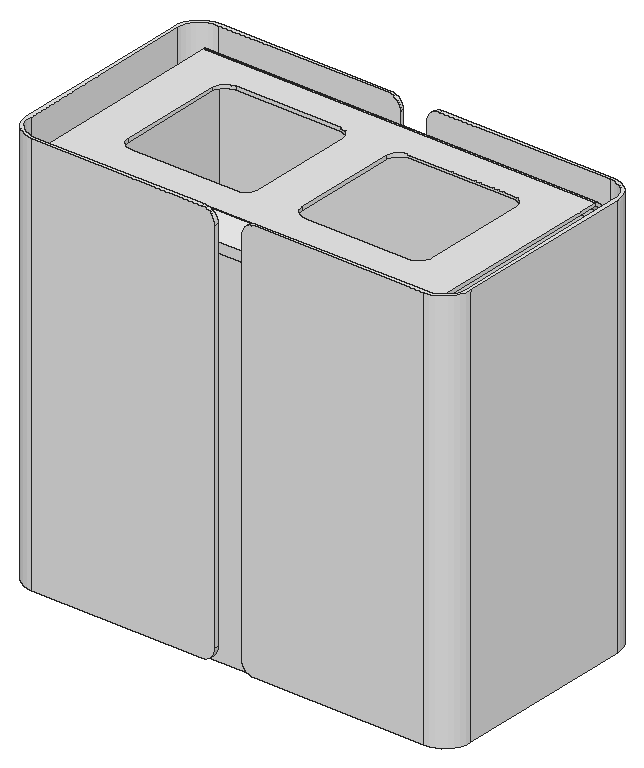
Revit family "PPP-NexSentials-Recycling-Two_Opening-Wastebasket", category Furniture, Revit 2014
Parameters (values of type "SW2, Wastebasket")
  Width = 17"
  SW2-O = yes
  SRT-O = no
  Lid Gap = 1/2"
  Body [instance] = PPP Paint - Bright White
  Depth = 9"
  URL = "www.peterpepper.com"
  Type Comments = "Stream"  # constant formula
  Series = "NexSentials"  # constant formula
  Salvage or Reuse = yes
  Percentage of Recycled Content = 0
  Model = "SW2"
  Material = ""
  Manufacturer = "PPP"  # constant formula
  Low Emitting Material = yes
  Low Emitting Finish = yes
  Keynote = "12500"
  Height = 15 1/2"
  Description = "DeskSide Recycling Wastebasket, Dual, 17\"w x 15.5\"h x 9\"d"
  Assembly Code = "E2020200"
Types (2): name | Width | SW2-O | SRT-O | Lid Gap | Depth | Model | Height | Description
  SW2, Wastebasket | 17" | yes | no | 1/2" | 9" | "SW2" | 15 1/2" | "DeskSide Recycling Wastebasket, Dual, 17\"w x 15.5\"h x 9\"d"
  SRT, Tall Recycl | 30" | no | yes | 1" | 12" | "SRT" | 27" | "Tall Recycling Station, Dual Stream, 30\"w x 27\"h x 12\"d"
Reference planes (in)
  plane 1: z = 0
  plane 2 "Center Left/Right": x = 0
  plane 3: z = 15.5
  plane 4: y = -1.86926
  plane 5: x = -8.5
  plane 6: x = 8.5
  plane 7: y = 2.63074
  plane 8: y = -6.36926
  plane 9: y = 2.50574
  plane 10: y = -6.24426
  plane 11: x = 8.375
  plane 12: x = -8.375
  plane 13: z = 15
  plane 14: x = -7.5
  plane 15: x = 7.5
  plane 16: z = 14.875
  plane 17: z = 14
Forms (in)
  Extrusion 1, solid, material "PPP Paint - Bright White" <- "Body"
    sketch origin (0, 0, 0) x (1, 0, 0) y (0, 1, 0)
      loop
        arc (-7.5, 2.63074) -> (-8.20711, 2.33784) -> (-8.5, 1.63074) r 1
        line (-8.5, 1.63074) -> (-8.5, -5.36926)
        arc (-8.5, -5.36926) -> (-8.20711, -6.07637) -> (-7.5, -6.36926) r 1
        line (-7.5, -6.36926) -> (-0.5, -6.36926) -> (-0.5, -6.24426) -> (-7.5, -6.24426)
        arc (-7.5, -6.24426) -> (-8.11872, -5.98798) -> (-8.375, -5.36926) r 0.875
        line (-8.375, -5.36926) -> (-8.375, 1.63074)
        arc (-8.375, 1.63074) -> (-8.11872, 2.24946) -> (-7.5, 2.50574) r 0.875
        line (-7.5, 2.50574) -> (-0.5, 2.50574) -> (-0.5, 2.63074) -> (-7.5, 2.63074)
      loop
        arc (7.5, -6.36926) -> (8.20711, -6.07637) -> (8.5, -5.36926) r 1
        line (8.5, -5.36926) -> (8.5, 1.63074)
        arc (8.5, 1.63074) -> (8.20711, 2.33784) -> (7.5, 2.63074) r 1
        line (7.5, 2.63074) -> (0.5, 2.63074) -> (0.5, 2.50574) -> (7.5, 2.50574)
        arc (7.5, 2.50574) -> (8.11872, 2.24946) -> (8.375, 1.63074) r 0.875
        line (8.375, 1.63074) -> (8.375, -5.36926)
        arc (8.375, -5.36926) -> (8.11872, -5.98798) -> (7.5, -6.24426) r 0.875
        line (7.5, -6.24426) -> (0.5, -6.24426) -> (0.5, -6.36926) -> (7.5, -6.36926)
    from 0 to 15.5
  Extrusion 2, solid, material "PPP Paint - Bright White" <- "Body"
    sketch origin (0, 0, 0) x (1, 0, 0) y (0, 1, 0)
      loop
        line (-7.5, 2.50574) -> (-7.5, -6.24426) -> (7.5, -6.24426) -> (7.5, 2.50574) -> (-7.5, 2.50574)
      loop
        line (7.375, -6.11926) -> (7.375, 2.38074) -> (-7.375, 2.38074) -> (-7.375, -6.11926) -> (7.375, -6.11926)
    from 0 to 14
  Extrusion 3, void
    sketch origin (7.5, -6.36926, 0) x (1, 0, 0) y (0, 0, -1)
      loop
        line (-8.5, -15.5) -> (-6.5, -15.5)
        arc (-6.5, -15.5) -> (-6.85355, -15.35355) -> (-7, -15) r 0.5
        line (-7, -15) -> (-7, -0.5)
        arc (-7, -0.5) -> (-6.85355, -0.14645) -> (-6.5, 0) r 0.5
        line (-6.5, 0) -> (-8.5, 0)
        arc (-8.5, 0) -> (-8.14645, -0.14645) -> (-8, -0.5) r 0.5
        line (-8, -0.5) -> (-8, -15)
        arc (-8, -15) -> (-8.14645, -15.35355) -> (-8.5, -15.5) r 0.5
    from 0 to 9
  Extrusion 4, solid, material "PPP Paint - Bright White" <- "Body"
    sketch origin (0, 0, 0) x (0, 1, 0) y (0, 0, 1)
      loop
        line (-5.61926, 15) -> (-6.24426, 14.375) -> (-6.24426, 14) -> (-6.11926, 14) -> (-6.11926, 14.32322) -> (-5.56749, 14.875) -> (-5.56749, 15) -> (-5.61926, 15)
      loop
        line (1.88074, 15) -> (1.82896, 15) -> (1.82896, 14.875) -> (2.38074, 14.32322) -> (2.38074, 14) -> (2.50574, 14) -> (2.50574, 14.375) -> (1.88074, 15)
    from -7.5 to 7.5
Cuts and joins
  Extrusion 3 cuts Extrusion 1
Lines and regions (in)
  symbolic lines
    curve 1: arc (-7.5, 2.63074, 0) -> (-8.20711, 2.33784, 0) -> (-8.5, 1.63074, 0) r 1
    curve 2: arc (-8.375, 1.63074, 0) -> (-8.11872, 2.24946, 0) -> (-7.5, 2.50574, 0) r 0.875
    curve 3: line (-0.5, 2.63074, 0) -> (-7.5, 2.63074, 0)
    curve 4: line (-7.5, 2.50574, 0) -> (-0.5, 2.50574, 0)
    curve 5: line (-8.5, 1.63074, 0) -> (-8.5, -5.36926, 0)
    curve 6: line (-8.375, -5.36926, 0) -> (-8.375, 1.63074, 0)
    curve 7: arc (-8.5, -5.36926, 0) -> (-8.20711, -6.07637, 0) -> (-7.5, -6.36926, 0) r 1
    curve 8: arc (-7.5, -6.24426, 0) -> (-8.11872, -5.98798, 0) -> (-8.375, -5.36926, 0) r 0.875
    curve 9: line (-7.5, -6.36926, 0) -> (-0.5, -6.36926, 0)
    curve 10: line (-0.5, -6.24426, 0) -> (-7.5, -6.24426, 0)
    curve 11: arc (8.375, -5.36926, 0) -> (8.11872, -5.98798, 0) -> (7.5, -6.24426, 0) r 0.875
    curve 12: arc (7.5, -6.36926, 0) -> (8.20711, -6.07637, 0) -> (8.5, -5.36926, 0) r 1
    curve 13: line (0.5, -6.36926, 0) -> (7.5, -6.36926, 0)
    curve 14: line (7.5, -6.24426, 0) -> (0.5, -6.24426, 0)
    curve 15: line (-0.5, -6.24426, 0) -> (-0.5, -6.36926, 0)
    curve 16: line (0.5, -6.24426, 0) -> (0.5, -6.36926, 0)
    curve 17: line (0.5, -6.24426, 0) -> (-0.5, -6.24426, 0)
    curve 18: line (8.375, 1.63074, 0) -> (8.375, -5.36926, 0)
    curve 19: line (8.5, -5.36926, 0) -> (8.5, 1.63074, 0)
    curve 20: arc (7.5, 2.50574, 0) -> (8.11872, 2.24946, 0) -> (8.375, 1.63074, 0) r 0.875
    curve 21: arc (8.5, 1.63074, 0) -> (8.20711, 2.33784, 0) -> (7.5, 2.63074, 0) r 1
    curve 22: line (7.5, 2.63074, 0) -> (0.5, 2.63074, 0)
    curve 23: line (0.5, 2.50574, 0) -> (7.5, 2.50574, 0)
    curve 24: line (-0.5, 2.63074, 0) -> (-0.5, 2.50574, 0)
    curve 25: line (0.5, 2.63074, 0) -> (0.5, 2.50574, 0)
    curve 26: line (-0.5, 2.50574, 0) -> (0.5, 2.50574, 0)
    curve 27: line (-7.5, 2.50574, 0) -> (-7.5, 1.82896, 0)
    curve 28: line (-7.5, -5.56749, 0) -> (-7.5, -6.24426, 0)
    curve 29: line (7.5, -5.56749, 0) -> (7.5, -6.24426, 0)
    curve 30: line (7.5, 1.82896, 0) -> (7.5, 2.50574, 0)
Dimensions and locks (in)
  "Height": plane 3 to plane 1
  equal spacing: plane 5, plane 2 "Center Left/Right", plane 6
  "Width": plane 5 to plane 6
  equal spacing: plane 7, plane 4, plane 8
  "Depth": plane 7 to plane 8
  locked: plane 7 to plane 9 at 0.125
  locked: plane 10 to plane 8 at 0.125
  locked: plane 11 to plane 6 at 0.125
  locked: plane 5 to plane 12 at 0.125
  Extrusion 1 sketch curve to plane 2 "Center Left/Right" to Extrusion 1 sketch curve = 1/2" locked, 1/2" locked
  "Lid Gap": plane 3 to plane 13
  locked: plane 15 to plane 6 at 1
  locked: plane 5 to plane 14 at 1
  locked: Extrusion 2 sketch curve to plane 15 at 0.125
  locked: plane 14 to Extrusion 2 sketch curve at 0.125
  locked: plane 13 to plane 16 at 0.125
  locked: Extrusion 4 sketch curve to cut or joined group of Extrusion 1, Extrusion 3 at 0.67678
  locked: Extrusion 4 sketch curve to Extrusion 4 sketch curve at 0.125  (x2)
  locked: plane 13 to plane 17 at 1
  locked: plane 9 to Extrusion 4 sketch curve at 0.67678
  aligned and locked: Extrusion 1 sketch curve to plane 7
  aligned and locked: plane 5 to Extrusion 1 sketch curve
  aligned and locked: plane 8 to Extrusion 1 sketch curve
  aligned and locked: Extrusion 1 sketch curve to plane 6
  aligned and locked: Extrusion 1 sketch curve to plane 11
  aligned and locked: Extrusion 1 sketch curve to plane 9
  aligned and locked: plane 12 to Extrusion 1 sketch curve
  aligned and locked: plane 10 to Extrusion 1 sketch curve
  aligned and locked: plane 3 to Extrusion 1
  aligned and locked: Extrusion 1 to plane 1
  aligned and locked: Extrusion 2 sketch curve to Extrusion 1  (x2)
  aligned and locked: Extrusion 1 to Extrusion 3 sketch curve  (x3)
  aligned and locked: Extrusion 1 to Extrusion 3  (x2)
  aligned and locked: Extrusion 4 sketch curve to Extrusion 2  (x2)
  aligned and locked: plane 13 to Extrusion 4 sketch curve
  aligned and locked: plane 16 to Extrusion 4 sketch curve  (x2)
  aligned and locked: plane 17 to Extrusion 4 sketch curve
  aligned and locked: Extrusion 2 to Extrusion 4
  aligned and locked: Extrusion 4 sketch curve to plane 13
  aligned and locked: Extrusion 4 to plane 14
  aligned and locked: Extrusion 4 to plane 15
  aligned and locked: plane 2 "Center Left/Right" to nested 1
  aligned and locked: plane 4 to nested 1
Automatic sketch dimensions
  Extrusion 1 sketch curve to Extrusion 1 sketch curve = 0"  (x8)
  Extrusion 1 sketch curve to plane 14 = 0"  (x2)
  Extrusion 1 sketch curve to plane 15 = 0"  (x2)
  Extrusion 1 sketch curve to plane 8 = 0"
  Extrusion 1 sketch curve to plane 9 = 0"
  Extrusion 1 sketch curve to plane 2 "Center Left/Right" = 1/2"
  plane 2 "Center Left/Right" to Extrusion 1 sketch curve = 1/2"
  Extrusion 2 sketch curve to plane 14 = 0"
  Extrusion 2 sketch curve to plane 15 = 0"
  plane 10 to Extrusion 2 sketch curve = 1/8"
  Extrusion 2 sketch curve to plane 9 = 1/8"
  Extrusion 3 sketch curve to Extrusion 1 = 0"  (x5)
  Extrusion 3 sketch curve to Extrusion 1 = 1/2"
  Extrusion 3 sketch curve to Extrusion 3 sketch curve = 1/2"  (x2)
  Extrusion 1 to Extrusion 3 sketch curve = 1/2"  (x2)
  Extrusion 3 sketch curve to Extrusion 3 sketch curve = 0"  (x3)
  plane 17 to Extrusion 4 sketch curve = 0"
  Extrusion 4 sketch curve to plane 9 = 0"
  Extrusion 4 sketch curve to Extrusion 4 sketch curve = 0.05178"  (x2)
  Extrusion 4 sketch curve to Extrusion 4 sketch curve = 1/8"
  curve 1 to curve 2 = 0"  (x2)
  curve 7 to curve 8 = 0"  (x2)
  curve 11 to curve 12 = 0"  (x2)
  curve 20 to curve 21 = 0"  (x2)
  curve 7 to plane 5 = 0"
  curve 6 to plane 12 = 0"
  curve 4 to plane 9 = 0"
  curve 4 to plane 14 = 0"
  curve 28 to plane 14 = 0"
  curve 9 to plane 8 = 0"
  curve 16 to plane 8 = 0"
  curve 20 to plane 15 = 0"
  curve 29 to plane 15 = 0"
  curve 18 to plane 11 = 0"
  curve 4 to plane 2 "Center Left/Right" = 1/2"
  curve 9 to plane 2 "Center Left/Right" = 1/2"
  plane 2 "Center Left/Right" to curve 14 = 1/2"
  plane 2 "Center Left/Right" to curve 26 = 1/2"
  curve 28 to curve 7 = 0.19822"
  curve 29 to curve 11 = 0.19822"
  curve 20 to curve 30 = 0.19822"
  curve 1 to curve 27 = 0.19822"
Nested families (in)
  nested 1: "Cover" at (0, 0, 0), SW2-O <- "SW2-O", SRT-O <- "SRT-O", Body <- "Body", Height <- "Height", Lid Gap <- "Lid Gap", type "Lid"
    with SW2-O yes, SRT-O no, Lid Gap 1/2", Height 15 1/2", Body PPP Paint - Bright White
Definition of nested family "Cover"
  Parameters (values of type "Lid")
    Width = 17"
    SW2-O [instance] = yes
    SRT-O [instance] = yes
    Lid Gap [instance] = 1/2"
    Body [instance] = none
    Depth = 9"
    URL = ""
    Type Comments = ""
    Series = ""
    Model = ""
    Manufacturer = ""
    Keynote = ""
    Height [instance] = 15 1/2"
    Description = ""
    Assembly Code = ""
  Reference planes (in)
    plane 1: z = 0
    plane 2 "Center Left/Right": x = 0
    plane 3: z = 15.5
    plane 4: y = -1.86926
    plane 5: x = -8.5
    plane 6: x = 8.5
    plane 7: y = 2.63074
    plane 8: y = -6.36926
    plane 9: y = 2.50574
    plane 10: y = -6.24426
    plane 11: x = 8.375
    plane 12: x = -8.375
    plane 13: z = 15
    plane 14: x = -7.5
    plane 15: x = 7.5
    plane 16: z = 14.875
    plane 17: z = 14
  Forms (in)
    Extrusion 1, solid, material <- "Body", visible <- "SRT-O"
      sketch origin (0, 0, 0) x (1, 0, 0) y (0, 1, 0)
        loop
          line (-14, 3.32896) -> (-14, -7.06749) -> (14, -7.06749) -> (14, 3.32896) -> (-14, 3.32896)
        loop
          circle (6.04614, -1.86926) r 3.25
        loop
          circle (-6.04614, -1.86926) r 3.25
      from 14.875 to 15
    Extrusion 2, solid, material <- "Body", visible <- "SW2-O"
      sketch origin (0, 0, 0) x (1, 0, 0) y (0, 1, 0)
        loop
          line (-7.5, 1.82896) -> (-7.5, -5.56749) -> (7.5, -5.56749) -> (7.5, 1.82896) -> (-7.5, 1.82896)
        loop
          arc (-5.32917, 0.63074) -> (-5.68272, 0.48429) -> (-5.82917, 0.13074) r 0.5
          line (-5.82917, 0.13074) -> (-5.82917, -3.86926)
          arc (-5.82917, -3.86926) -> (-5.68272, -4.22282) -> (-5.32917, -4.36926) r 0.5
          line (-5.32917, -4.36926) -> (-1.32917, -4.36926)
          arc (-1.32917, -4.36926) -> (-0.97562, -4.22282) -> (-0.82917, -3.86926) r 0.5
          line (-0.82917, -3.86926) -> (-0.82917, 0.13074)
          arc (-0.82917, 0.13074) -> (-0.97562, 0.48429) -> (-1.32917, 0.63074) r 0.5
          line (-1.32917, 0.63074) -> (-5.32917, 0.63074)
        loop
          line (5.32917, 0.63074) -> (1.32917, 0.63074)
          arc (1.32917, 0.63074) -> (0.97562, 0.48429) -> (0.82917, 0.13074) r 0.5
          line (0.82917, 0.13074) -> (0.82917, -3.86926)
          arc (0.82917, -3.86926) -> (0.97562, -4.22282) -> (1.32917, -4.36926) r 0.5
          line (1.32917, -4.36926) -> (5.32917, -4.36926)
          arc (5.32917, -4.36926) -> (5.68272, -4.22282) -> (5.82917, -3.86926) r 0.5
          line (5.82917, -3.86926) -> (5.82917, 0.13074)
          arc (5.82917, 0.13074) -> (5.68272, 0.48429) -> (5.32917, 0.63074) r 0.5
      from 14.875 to 15
  Lines and regions (in)
    symbolic lines, visible <- "SRT-O"
      curve 1: line (-14, 3.32896, 0) -> (14, 3.32896, 0)
      curve 2: line (-14, -7.06749, 0) -> (-14, 3.32896, 0)
      curve 3: line (14, -7.06749, 0) -> (-14, -7.06749, 0)
      curve 4: line (14, 3.32896, 0) -> (14, -7.06749, 0)
      curve 5: arc (-9.29614, -1.86926, 0) -> (-6.04614, 1.38074, 0) -> (-2.79614, -1.86926, 0) r 3.25
      curve 6: arc (-2.79614, -1.86926, 0) -> (-6.04614, -5.11926, 0) -> (-9.29614, -1.86926, 0) r 3.25
      curve 7: arc (9.29614, -1.86926, 0) -> (6.04614, -5.11926, 0) -> (2.79614, -1.86926, 0) r 3.25
      curve 8: arc (2.79614, -1.86926, 0) -> (6.04614, 1.38074, 0) -> (9.29614, -1.86926, 0) r 3.25
    symbolic lines, visible <- "SW2-O"
      curve 9: line (-7.5, 1.82896, 0) -> (7.5, 1.82896, 0)
      curve 10: line (-7.5, -5.56749, 0) -> (-7.5, 1.82896, 0)
      curve 11: line (7.5, -5.56749, 0) -> (-7.5, -5.56749, 0)
      curve 12: line (7.5, 1.82896, 0) -> (7.5, -5.56749, 0)
      curve 13: line (-1.32917, -4.36926, 0) -> (-5.32917, -4.36926, 0)
      curve 14: arc (-5.32917, -4.36926, 0) -> (-5.68272, -4.22282, 0) -> (-5.82917, -3.86926, 0) r 0.5
      curve 15: line (-5.82917, -3.86926, 0) -> (-5.82917, 0.13074, 0)
      curve 16: arc (-5.82917, 0.13074, 0) -> (-5.68272, 0.48429, 0) -> (-5.32917, 0.63074, 0) r 0.5
      curve 17: line (-5.32917, 0.63074, 0) -> (-1.32917, 0.63074, 0)
      curve 18: arc (-1.32917, 0.63074, 0) -> (-0.97562, 0.48429, 0) -> (-0.82917, 0.13074, 0) r 0.5
      curve 19: line (-0.82917, 0.13074, 0) -> (-0.82917, -3.86926, 0)
      curve 20: arc (-0.82917, -3.86926, 0) -> (-0.97562, -4.22282, 0) -> (-1.32917, -4.36926, 0) r 0.5
      curve 21: line (5.32917, -4.36926, 0) -> (1.32917, -4.36926, 0)
      curve 22: arc (1.32917, -4.36926, 0) -> (0.97562, -4.22282, 0) -> (0.82917, -3.86926, 0) r 0.5
      curve 23: line (0.82917, -3.86926, 0) -> (0.82917, 0.13074, 0)
      curve 24: arc (0.82917, 0.13074, 0) -> (0.97562, 0.48429, 0) -> (1.32917, 0.63074, 0) r 0.5
      curve 25: line (1.32917, 0.63074, 0) -> (5.32917, 0.63074, 0)
      curve 26: arc (5.32917, 0.63074, 0) -> (5.68272, 0.48429, 0) -> (5.82917, 0.13074, 0) r 0.5
      curve 27: line (5.82917, 0.13074, 0) -> (5.82917, -3.86926, 0)
      curve 28: arc (5.82917, -3.86926, 0) -> (5.68272, -4.22282, 0) -> (5.32917, -4.36926, 0) r 0.5
  Dimensions and locks (in)
    "Height": plane 3 to plane 1
    equal spacing: plane 5, plane 2 "Center Left/Right", plane 6
    "Width": plane 5 to plane 6
    equal spacing: plane 7, plane 4, plane 8
    "Depth": plane 7 to plane 8
    locked: plane 7 to plane 9 at 0.125
    locked: plane 10 to plane 8 at 0.125
    locked: plane 11 to plane 6 at 0.125
    locked: plane 5 to plane 12 at 0.125
    "Lid Gap": plane 3 to plane 13
    locked: plane 15 to plane 6 at 1
    locked: plane 5 to plane 14 at 1
    locked: plane 13 to plane 16 at 0.125
    locked: plane 13 to plane 17 at 1
    Extrusion 1 sketch curve to plane 4 to Extrusion 1 sketch curve = 5.19822" locked, 5.19822" locked
    Extrusion 1 sketch curve to plane 2 "Center Left/Right" to Extrusion 1 sketch curve = 14" locked, 14" locked
    Extrusion 2 sketch curve to plane 4 to Extrusion 2 sketch curve = 3.69822" locked, 3.69822" locked
    locked: Extrusion 2 sketch curve to plane 2 "Center Left/Right" at 7.5
    aligned and locked: Extrusion 1 to plane 13
    aligned and locked: plane 16 to Extrusion 1
    aligned and locked: Extrusion 2 to plane 13
    aligned and locked: plane 16 to Extrusion 2
  Automatic sketch dimensions
    plane 4 to Extrusion 1 sketch curve = 0"  (x2)
    Extrusion 1 sketch curve to plane 2 "Center Left/Right" = 6.04614"
    plane 2 "Center Left/Right" to Extrusion 1 sketch curve = 6.04614"
    Extrusion 2 sketch curve to plane 15 = 0"
    plane 14 to Extrusion 2 sketch curve = 1.67083"
    Extrusion 2 sketch curve to Extrusion 2 sketch curve = 1/2"  (x6)
    Extrusion 2 sketch curve to plane 2 "Center Left/Right" = 1.32917"  (x2)
    plane 2 "Center Left/Right" to Extrusion 2 sketch curve = 0.82917"
    plane 15 to Extrusion 2 sketch curve = 2.17083"  (x2)
    plane 10 to Extrusion 2 sketch curve = 1 7/8"  (x2)
    Extrusion 2 sketch curve to plane 4 = 2"  (x2)
    plane 4 to curve 6 = 0"
    curve 9 to plane 14 = 0"
    plane 4 to curve 8 = 0"
    curve 11 to plane 15 = 0"
    plane 7 to curve 2 = 0.69822"
    curve 2 to plane 5 = 5 1/2"
    plane 14 to curve 5 = 1.45386"
    plane 15 to curve 7 = 1.45386"
    plane 6 to curve 1 = 5 1/2"
    plane 10 to curve 12 = 0.67678"
    curve 4 to plane 8 = 0.69822"
    curve 9 to plane 9 = 0.67678"
    curve 5 to plane 5 = 0.79614"
    plane 2 "Center Left/Right" to curve 8 = 2.79614"
    plane 14 to curve 15 = 1.67083"
    curve 15 to curve 16 = 1/2"
    curve 15 to curve 14 = 1/2"
    curve 17 to plane 2 "Center Left/Right" = 1.32917"
    curve 20 to plane 2 "Center Left/Right" = 1.32917"
    curve 18 to curve 19 = 1/2"
    plane 10 to curve 13 = 1 7/8"
    curve 16 to plane 4 = 2"
    plane 2 "Center Left/Right" to curve 23 = 0.82917"
    curve 23 to curve 25 = 1/2"
    curve 23 to curve 22 = 1/2"
    curve 26 to curve 7 = 0.71697"
    plane 15 to curve 21 = 2.17083"
    curve 28 to curve 27 = 1/2"
    plane 10 to curve 21 = 1 7/8"
    curve 26 to plane 4 = 2"
    radius of Extrusion 1 sketch curve = 3 1/4"  (x2)
